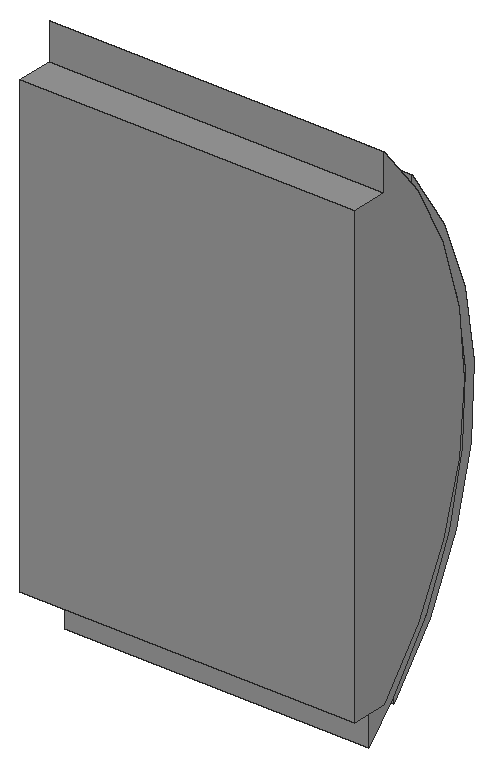
Revit family "ГГН-03,КЛ-01", category Устройства вызова и оповещения, Revit 2017
Family settings
  Основа = Стена
  Сохранять ориентацию аннотаций = Нет
  Размер круглого соединителя = Использовать диаметр
  Тип детали = Нормальный
  Всегда вертикально = Да
  При загрузке вырезать с полостями = Нет
  Общий = Нет
  Точка расчета площади = Нет
Parameters (values of type "ГГН-03/КЛ-01")
  Ширина = 135 mm
  Частотный диапазон = "100-15000 Гц"  # constant formula
  Разработано = "support@bimlib.pro"  # constant formula
  Описание = "Речевой оповещатель. Предназначен для воспроизведения голосовых сообщений, специальных сигналов в системах громкоговорящей связи с высокоомным выходом. Встроенный трансформатор 90..100В. Настенное исполнение."
  Напряжение питания = 100 V  # constant formula
  Материал = ПВХ
  Assembly Code = ""
  Код IP = "41"  # constant formula
  Исполнение = "Настенное"  # constant formula
  Изготовитель = "'СОУЭ Речор'"  # constant formula
  Диапазое рабочих температур = "-10 до +50°С"  # constant formula
  Глубина = 75 mm
  Выходная мощность [instance] = if(Выбор мощности, 3 W, 1 W)  # 3 W
  Высота = 218 mm
  Выбор мощности [instance] = yes
  URL = "http://rechor.ru/gromkogovoriteli"
  ADSK_Примечание = ""
  ADSK_Позиция = ""
  Наименование = "Громкоговоритель ГГН-03/КЛ-01"  # constant formula
  ADSK_Масса_Текст = "0.64 кг"  # constant formula
  ADSK_Завод-изготовитель = Изготовитель  # "'СОУЭ Речор'"
Reference planes
  plane 1 "Стена": y = 0
  plane 2 "По центру (Влево/Вправо)": x = 125
  plane 3 "Назад": y = 75
  plane 4: x = 192.5
  plane 5: x = 57.5
  plane 6: z = 2461.432
  plane 7: z = 2243.432
  plane 8: y = 75
  plane 9: y = 150
  plane 10: z = 2352.432
  plane 11: y = 111.919
Forms (mm)
  Extrusion 1, solid, material "ПВХ" <- "Материал", detail levels medium+fine
    sketch origin (125, 0, 0) x (0, 1, 0) y (0, 0, 1)
      loop
        line (75, 2446.432) -> (75, 2261.432) -> (90, 2261.432) -> (90, 2243.432)
        arc (90, 2243.432) -> (139.145, 2352.432) -> (90, 2461.432) r 145.45
        line (90, 2461.432) -> (90, 2446.432) -> (75, 2446.432)
    from -61.296 to 61.296
  Extrusion 2, solid, material "ПВХ" <- "Материал", detail levels medium+fine
    sketch origin (125, 0, 0) x (0, 1, 0) y (0, 0, 1)
      loop
        line (75, 2446.432) -> (75, 2261.432) -> (90, 2261.432)
        arc (90, 2261.432) -> (130.088, 2361.432) -> (90, 2461.432) r 144.77
        line (90, 2461.432) -> (90, 2446.432) -> (75, 2446.432)
    from -67.5 to -61.296
  Extrusion 3, solid, material "ПВХ" <- "Материал", detail levels medium+fine
    sketch origin (125, 0, 0) x (0, 1, 0) y (0, 0, -1)
      loop
        line (75, -2446.432) -> (90, -2446.432) -> (90, -2461.432)
        arc (90, -2461.432) -> (130.088, -2361.432) -> (90, -2261.432) r 144.77
        line (90, -2261.432) -> (75, -2261.432) -> (75, -2446.432)
    from -67.5 to -61.296
  Extrusion 4, void, detail levels medium+fine
    sketch origin (0, 0, 0) x (1, 0, 0) y (0, 0, 1)
      loop
        line (183.769, 2430.343) -> (178.769, 2430.343) -> (178.769, 2425.343) -> (183.769, 2425.343) -> (183.769, 2430.343)
      loop
        line (173.769, 2430.343) -> (168.769, 2430.343) -> (168.769, 2425.343) -> (173.769, 2425.343) -> (173.769, 2430.343)
      loop
        line (163.769, 2430.343) -> (158.769, 2430.343) -> (158.769, 2425.343) -> (163.769, 2425.343) -> (163.769, 2430.343)
      loop
        line (153.769, 2430.343) -> (148.769, 2430.343) -> (148.769, 2425.343) -> (153.769, 2425.343) -> (153.769, 2430.343)
      loop
        line (143.769, 2430.343) -> (138.769, 2430.343) -> (138.769, 2425.343) -> (143.769, 2425.343) -> (143.769, 2430.343)
      loop
        line (133.769, 2430.343) -> (128.769, 2430.343) -> (128.769, 2425.343) -> (133.769, 2425.343) -> (133.769, 2430.343)
      loop
        line (123.769, 2430.343) -> (118.769, 2430.343) -> (118.769, 2425.343) -> (123.769, 2425.343) -> (123.769, 2430.343)
      loop
        line (113.769, 2430.343) -> (108.769, 2430.343) -> (108.769, 2425.343) -> (113.769, 2425.343) -> (113.769, 2430.343)
      loop
        line (103.769, 2430.343) -> (98.769, 2430.343) -> (98.769, 2425.343) -> (103.769, 2425.343) -> (103.769, 2430.343)
      loop
        line (93.769, 2430.343) -> (88.769, 2430.343) -> (88.769, 2425.343) -> (93.769, 2425.343) -> (93.769, 2430.343)
      loop
        line (83.769, 2430.343) -> (78.769, 2430.343) -> (78.769, 2425.343) -> (83.769, 2425.343) -> (83.769, 2430.343)
      loop
        line (73.769, 2430.343) -> (68.769, 2430.343) -> (68.769, 2425.343) -> (73.769, 2425.343) -> (73.769, 2430.343)
      loop
        line (183.769, 2415.343) -> (178.769, 2415.343) -> (178.769, 2410.343) -> (183.769, 2410.343) -> (183.769, 2415.343)
      loop
        line (173.769, 2415.343) -> (168.769, 2415.343) -> (168.769, 2410.343) -> (173.769, 2410.343) -> (173.769, 2415.343)
      loop
        line (163.769, 2415.343) -> (158.769, 2415.343) -> (158.769, 2410.343) -> (163.769, 2410.343) -> (163.769, 2415.343)
      loop
        line (153.769, 2415.343) -> (148.769, 2415.343) -> (148.769, 2410.343) -> (153.769, 2410.343) -> (153.769, 2415.343)
      loop
        line (143.769, 2415.343) -> (138.769, 2415.343) -> (138.769, 2410.343) -> (143.769, 2410.343) -> (143.769, 2415.343)
      loop
        line (133.769, 2415.343) -> (128.769, 2415.343) -> (128.769, 2410.343) -> (133.769, 2410.343) -> (133.769, 2415.343)
      loop
        line (123.769, 2415.343) -> (118.769, 2415.343) -> (118.769, 2410.343) -> (123.769, 2410.343) -> (123.769, 2415.343)
      loop
        line (113.769, 2415.343) -> (108.769, 2415.343) -> (108.769, 2410.343) -> (113.769, 2410.343) -> (113.769, 2415.343)
      loop
        line (103.769, 2415.343) -> (98.769, 2415.343) -> (98.769, 2410.343) -> (103.769, 2410.343) -> (103.769, 2415.343)
      loop
        line (93.769, 2415.343) -> (88.769, 2415.343) -> (88.769, 2410.343) -> (93.769, 2410.343) -> (93.769, 2415.343)
      loop
        line (83.769, 2415.343) -> (78.769, 2415.343) -> (78.769, 2410.343) -> (83.769, 2410.343) -> (83.769, 2415.343)
      loop
        line (73.769, 2415.343) -> (68.769, 2415.343) -> (68.769, 2410.343) -> (73.769, 2410.343) -> (73.769, 2415.343)
      loop
        line (183.769, 2400.343) -> (178.769, 2400.343) -> (178.769, 2395.343) -> (183.769, 2395.343) -> (183.769, 2400.343)
      loop
        line (173.769, 2400.343) -> (168.769, 2400.343) -> (168.769, 2395.343) -> (173.769, 2395.343) -> (173.769, 2400.343)
      loop
        line (163.769, 2400.343) -> (158.769, 2400.343) -> (158.769, 2395.343) -> (163.769, 2395.343) -> (163.769, 2400.343)
      loop
        line (153.769, 2400.343) -> (148.769, 2400.343) -> (148.769, 2395.343) -> (153.769, 2395.343) -> (153.769, 2400.343)
      loop
        line (143.769, 2400.343) -> (138.769, 2400.343) -> (138.769, 2395.343) -> (143.769, 2395.343) -> (143.769, 2400.343)
      loop
        line (133.769, 2400.343) -> (128.769, 2400.343) -> (128.769, 2395.343) -> (133.769, 2395.343) -> (133.769, 2400.343)
      loop
        line (123.769, 2400.343) -> (118.769, 2400.343) -> (118.769, 2395.343) -> (123.769, 2395.343) -> (123.769, 2400.343)
      loop
        line (113.769, 2400.343) -> (108.769, 2400.343) -> (108.769, 2395.343) -> (113.769, 2395.343) -> (113.769, 2400.343)
      loop
        line (103.769, 2400.343) -> (98.769, 2400.343) -> (98.769, 2395.343) -> (103.769, 2395.343) -> (103.769, 2400.343)
      loop
        line (93.769, 2400.343) -> (88.769, 2400.343) -> (88.769, 2395.343) -> (93.769, 2395.343) -> (93.769, 2400.343)
      loop
        line (83.769, 2400.343) -> (78.769, 2400.343) -> (78.769, 2395.343) -> (83.769, 2395.343) -> (83.769, 2400.343)
      loop
        line (73.769, 2400.343) -> (68.769, 2400.343) -> (68.769, 2395.343) -> (73.769, 2395.343) -> (73.769, 2400.343)
      loop
        line (183.769, 2385.343) -> (178.769, 2385.343) -> (178.769, 2380.343) -> (183.769, 2380.343) -> (183.769, 2385.343)
      loop
        line (173.769, 2385.343) -> (168.769, 2385.343) -> (168.769, 2380.343) -> (173.769, 2380.343) -> (173.769, 2385.343)
      loop
        line (163.769, 2385.343) -> (158.769, 2385.343) -> (158.769, 2380.343) -> (163.769, 2380.343) -> (163.769, 2385.343)
      loop
        line (153.769, 2385.343) -> (148.769, 2385.343) -> (148.769, 2380.343) -> (153.769, 2380.343) -> (153.769, 2385.343)
      loop
        line (143.769, 2385.343) -> (138.769, 2385.343) -> (138.769, 2380.343) -> (143.769, 2380.343) -> (143.769, 2385.343)
      loop
        line (133.769, 2385.343) -> (128.769, 2385.343) -> (128.769, 2380.343) -> (133.769, 2380.343) -> (133.769, 2385.343)
      loop
        line (123.769, 2385.343) -> (118.769, 2385.343) -> (118.769, 2380.343) -> (123.769, 2380.343) -> (123.769, 2385.343)
      loop
        line (113.769, 2385.343) -> (108.769, 2385.343) -> (108.769, 2380.343) -> (113.769, 2380.343) -> (113.769, 2385.343)
      loop
        line (103.769, 2385.343) -> (98.769, 2385.343) -> (98.769, 2380.343) -> (103.769, 2380.343) -> (103.769, 2385.343)
      loop
        line (93.769, 2385.343) -> (88.769, 2385.343) -> (88.769, 2380.343) -> (93.769, 2380.343) -> (93.769, 2385.343)
      loop
        line (83.769, 2385.343) -> (78.769, 2385.343) -> (78.769, 2380.343) -> (83.769, 2380.343) -> (83.769, 2385.343)
      loop
        line (73.769, 2385.343) -> (68.769, 2385.343) -> (68.769, 2380.343) -> (73.769, 2380.343) -> (73.769, 2385.343)
      loop
        line (183.769, 2370.343) -> (178.769, 2370.343) -> (178.769, 2365.343) -> (183.769, 2365.343) -> (183.769, 2370.343)
      loop
        line (173.769, 2370.343) -> (168.769, 2370.343) -> (168.769, 2365.343) -> (173.769, 2365.343) -> (173.769, 2370.343)
      loop
        line (163.769, 2370.343) -> (158.769, 2370.343) -> (158.769, 2365.343) -> (163.769, 2365.343) -> (163.769, 2370.343)
      loop
        line (153.769, 2370.343) -> (148.769, 2370.343) -> (148.769, 2365.343) -> (153.769, 2365.343) -> (153.769, 2370.343)
      loop
        line (143.769, 2370.343) -> (138.769, 2370.343) -> (138.769, 2365.343) -> (143.769, 2365.343) -> (143.769, 2370.343)
      loop
        line (133.769, 2370.343) -> (128.769, 2370.343) -> (128.769, 2365.343) -> (133.769, 2365.343) -> (133.769, 2370.343)
      loop
        line (123.769, 2370.343) -> (118.769, 2370.343) -> (118.769, 2365.343) -> (123.769, 2365.343) -> (123.769, 2370.343)
      loop
        line (113.769, 2370.343) -> (108.769, 2370.343) -> (108.769, 2365.343) -> (113.769, 2365.343) -> (113.769, 2370.343)
      loop
        line (103.769, 2370.343) -> (98.769, 2370.343) -> (98.769, 2365.343) -> (103.769, 2365.343) -> (103.769, 2370.343)
      loop
        line (93.769, 2370.343) -> (88.769, 2370.343) -> (88.769, 2365.343) -> (93.769, 2365.343) -> (93.769, 2370.343)
      loop
        line (83.769, 2370.343) -> (78.769, 2370.343) -> (78.769, 2365.343) -> (83.769, 2365.343) -> (83.769, 2370.343)
      loop
        line (73.769, 2370.343) -> (68.769, 2370.343) -> (68.769, 2365.343) -> (73.769, 2365.343) -> (73.769, 2370.343)
      loop
        line (183.769, 2355.343) -> (178.769, 2355.343) -> (178.769, 2350.343) -> (183.769, 2350.343) -> (183.769, 2355.343)
      loop
        line (173.769, 2355.343) -> (168.769, 2355.343) -> (168.769, 2350.343) -> (173.769, 2350.343) -> (173.769, 2355.343)
      loop
        line (163.769, 2355.343) -> (158.769, 2355.343) -> (158.769, 2350.343) -> (163.769, 2350.343) -> (163.769, 2355.343)
      loop
        line (153.769, 2355.343) -> (148.769, 2355.343) -> (148.769, 2350.343) -> (153.769, 2350.343) -> (153.769, 2355.343)
      loop
        line (143.769, 2355.343) -> (138.769, 2355.343) -> (138.769, 2350.343) -> (143.769, 2350.343) -> (143.769, 2355.343)
      loop
        line (133.769, 2355.343) -> (128.769, 2355.343) -> (128.769, 2350.343) -> (133.769, 2350.343) -> (133.769, 2355.343)
      loop
        line (113.769, 2355.343) -> (108.769, 2355.343) -> (108.769, 2350.343) -> (113.769, 2350.343) -> (113.769, 2355.343)
      loop
        line (103.769, 2355.343) -> (98.769, 2355.343) -> (98.769, 2350.343) -> (103.769, 2350.343) -> (103.769, 2355.343)
      loop
        line (93.769, 2355.343) -> (88.769, 2355.343) -> (88.769, 2350.343) -> (93.769, 2350.343) -> (93.769, 2355.343)
      loop
        line (83.769, 2355.343) -> (78.769, 2355.343) -> (78.769, 2350.343) -> (83.769, 2350.343) -> (83.769, 2355.343)
      loop
        line (73.769, 2355.343) -> (68.769, 2355.343) -> (68.769, 2350.343) -> (73.769, 2350.343) -> (73.769, 2355.343)
      loop
        line (183.769, 2340.343) -> (178.769, 2340.343) -> (178.769, 2335.343) -> (183.769, 2335.343) -> (183.769, 2340.343)
      loop
        line (173.769, 2340.343) -> (168.769, 2340.343) -> (168.769, 2335.343) -> (173.769, 2335.343) -> (173.769, 2340.343)
      loop
        line (163.769, 2340.343) -> (158.769, 2340.343) -> (158.769, 2335.343) -> (163.769, 2335.343) -> (163.769, 2340.343)
      loop
        line (153.769, 2340.343) -> (148.769, 2340.343) -> (148.769, 2335.343) -> (153.769, 2335.343) -> (153.769, 2340.343)
      loop
        line (143.769, 2340.343) -> (138.769, 2340.343) -> (138.769, 2335.343) -> (143.769, 2335.343) -> (143.769, 2340.343)
      loop
        line (133.769, 2340.343) -> (128.769, 2340.343) -> (128.769, 2335.343) -> (133.769, 2335.343) -> (133.769, 2340.343)
      loop
        line (123.769, 2340.343) -> (118.769, 2340.343) -> (118.769, 2335.343) -> (123.769, 2335.343) -> (123.769, 2340.343)
      loop
        line (113.769, 2340.343) -> (108.769, 2340.343) -> (108.769, 2335.343) -> (113.769, 2335.343) -> (113.769, 2340.343)
      loop
        line (103.769, 2340.343) -> (98.769, 2340.343) -> (98.769, 2335.343) -> (103.769, 2335.343) -> (103.769, 2340.343)
      loop
        line (93.769, 2340.343) -> (88.769, 2340.343) -> (88.769, 2335.343) -> (93.769, 2335.343) -> (93.769, 2340.343)
      loop
        line (83.769, 2340.343) -> (78.769, 2340.343) -> (78.769, 2335.343) -> (83.769, 2335.343) -> (83.769, 2340.343)
      loop
        line (73.769, 2340.343) -> (68.769, 2340.343) -> (68.769, 2335.343) -> (73.769, 2335.343) -> (73.769, 2340.343)
      loop
        line (183.769, 2325.343) -> (178.769, 2325.343) -> (178.769, 2320.343) -> (183.769, 2320.343) -> (183.769, 2325.343)
      loop
        line (173.769, 2325.343) -> (168.769, 2325.343) -> (168.769, 2320.343) -> (173.769, 2320.343) -> (173.769, 2325.343)
      loop
        line (163.769, 2325.343) -> (158.769, 2325.343) -> (158.769, 2320.343) -> (163.769, 2320.343) -> (163.769, 2325.343)
      loop
        line (153.769, 2325.343) -> (148.769, 2325.343) -> (148.769, 2320.343) -> (153.769, 2320.343) -> (153.769, 2325.343)
      loop
        line (143.769, 2325.343) -> (138.769, 2325.343) -> (138.769, 2320.343) -> (143.769, 2320.343) -> (143.769, 2325.343)
      loop
        line (133.769, 2325.343) -> (128.769, 2325.343) -> (128.769, 2320.343) -> (133.769, 2320.343) -> (133.769, 2325.343)
      loop
        line (123.769, 2325.343) -> (118.769, 2325.343) -> (118.769, 2320.343) -> (123.769, 2320.343) -> (123.769, 2325.343)
      loop
        line (113.769, 2325.343) -> (108.769, 2325.343) -> (108.769, 2320.343) -> (113.769, 2320.343) -> (113.769, 2325.343)
      loop
        line (103.769, 2325.343) -> (98.769, 2325.343) -> (98.769, 2320.343) -> (103.769, 2320.343) -> (103.769, 2325.343)
      loop
        line (93.769, 2325.343) -> (88.769, 2325.343) -> (88.769, 2320.343) -> (93.769, 2320.343) -> (93.769, 2325.343)
      loop
        line (83.769, 2325.343) -> (78.769, 2325.343) -> (78.769, 2320.343) -> (83.769, 2320.343) -> (83.769, 2325.343)
      loop
        line (73.769, 2325.343) -> (68.769, 2325.343) -> (68.769, 2320.343) -> (73.769, 2320.343) -> (73.769, 2325.343)
      loop
        line (183.769, 2310.343) -> (178.769, 2310.343) -> (178.769, 2305.343) -> (183.769, 2305.343) -> (183.769, 2310.343)
      loop
        line (173.769, 2310.343) -> (168.769, 2310.343) -> (168.769, 2305.343) -> (173.769, 2305.343) -> (173.769, 2310.343)
      loop
        line (163.769, 2310.343) -> (158.769, 2310.343) -> (158.769, 2305.343) -> (163.769, 2305.343) -> (163.769, 2310.343)
      loop
        line (153.769, 2310.343) -> (148.769, 2310.343) -> (148.769, 2305.343) -> (153.769, 2305.343) -> (153.769, 2310.343)
      loop
        line (143.769, 2310.343) -> (138.769, 2310.343) -> (138.769, 2305.343) -> (143.769, 2305.343) -> (143.769, 2310.343)
      loop
        line (133.769, 2310.343) -> (128.769, 2310.343) -> (128.769, 2305.343) -> (133.769, 2305.343) -> (133.769, 2310.343)
      loop
        line (123.769, 2310.343) -> (118.769, 2310.343) -> (118.769, 2305.343) -> (123.769, 2305.343) -> (123.769, 2310.343)
      loop
        line (113.769, 2310.343) -> (108.769, 2310.343) -> (108.769, 2305.343) -> (113.769, 2305.343) -> (113.769, 2310.343)
      loop
        line (103.769, 2310.343) -> (98.769, 2310.343) -> (98.769, 2305.343) -> (103.769, 2305.343) -> (103.769, 2310.343)
      loop
        line (93.769, 2310.343) -> (88.769, 2310.343) -> (88.769, 2305.343) -> (93.769, 2305.343) -> (93.769, 2310.343)
      loop
        line (83.769, 2310.343) -> (78.769, 2310.343) -> (78.769, 2305.343) -> (83.769, 2305.343) -> (83.769, 2310.343)
      loop
        line (73.769, 2310.343) -> (68.769, 2310.343) -> (68.769, 2305.343) -> (73.769, 2305.343) -> (73.769, 2310.343)
      loop
        line (183.769, 2295.343) -> (178.769, 2295.343) -> (178.769, 2290.343) -> (183.769, 2290.343) -> (183.769, 2295.343)
      loop
        line (173.769, 2295.343) -> (168.769, 2295.343) -> (168.769, 2290.343) -> (173.769, 2290.343) -> (173.769, 2295.343)
      loop
        line (163.769, 2295.343) -> (158.769, 2295.343) -> (158.769, 2290.343) -> (163.769, 2290.343) -> (163.769, 2295.343)
      loop
        line (153.769, 2295.343) -> (148.769, 2295.343) -> (148.769, 2290.343) -> (153.769, 2290.343) -> (153.769, 2295.343)
      loop
        line (143.769, 2295.343) -> (138.769, 2295.343) -> (138.769, 2290.343) -> (143.769, 2290.343) -> (143.769, 2295.343)
      loop
        line (133.769, 2295.343) -> (128.769, 2295.343) -> (128.769, 2290.343) -> (133.769, 2290.343) -> (133.769, 2295.343)
      loop
        line (123.769, 2295.343) -> (118.769, 2295.343) -> (118.769, 2290.343) -> (123.769, 2290.343) -> (123.769, 2295.343)
      loop
        line (113.769, 2295.343) -> (108.769, 2295.343) -> (108.769, 2290.343) -> (113.769, 2290.343) -> (113.769, 2295.343)
      loop
        line (103.769, 2295.343) -> (98.769, 2295.343) -> (98.769, 2290.343) -> (103.769, 2290.343) -> (103.769, 2295.343)
      loop
        line (93.769, 2295.343) -> (88.769, 2295.343) -> (88.769, 2290.343) -> (93.769, 2290.343) -> (93.769, 2295.343)
      loop
        line (83.769, 2295.343) -> (78.769, 2295.343) -> (78.769, 2290.343) -> (83.769, 2290.343) -> (83.769, 2295.343)
      loop
        line (73.769, 2295.343) -> (68.769, 2295.343) -> (68.769, 2290.343) -> (73.769, 2290.343) -> (73.769, 2295.343)
      loop
        line (183.769, 2280.343) -> (178.769, 2280.343) -> (178.769, 2275.343) -> (183.769, 2275.343) -> (183.769, 2280.343)
      loop
        line (173.769, 2280.343) -> (168.769, 2280.343) -> (168.769, 2275.343) -> (173.769, 2275.343) -> (173.769, 2280.343)
      loop
        line (163.769, 2280.343) -> (158.769, 2280.343) -> (158.769, 2275.343) -> (163.769, 2275.343) -> (163.769, 2280.343)
      loop
        line (153.769, 2280.343) -> (148.769, 2280.343) -> (148.769, 2275.343) -> (153.769, 2275.343) -> (153.769, 2280.343)
      loop
        line (143.769, 2280.343) -> (138.769, 2280.343) -> (138.769, 2275.343) -> (143.769, 2275.343) -> (143.769, 2280.343)
      loop
        line (133.769, 2280.343) -> (128.769, 2280.343) -> (128.769, 2275.343) -> (133.769, 2275.343) -> (133.769, 2280.343)
      loop
        line (123.769, 2280.343) -> (118.769, 2280.343) -> (118.769, 2275.343) -> (123.769, 2275.343) -> (123.769, 2280.343)
      loop
        line (113.769, 2280.343) -> (108.769, 2280.343) -> (108.769, 2275.343) -> (113.769, 2275.343) -> (113.769, 2280.343)
      loop
        line (103.769, 2280.343) -> (98.769, 2280.343) -> (98.769, 2275.343) -> (103.769, 2275.343) -> (103.769, 2280.343)
      loop
        line (93.769, 2280.343) -> (88.769, 2280.343) -> (88.769, 2275.343) -> (93.769, 2275.343) -> (93.769, 2280.343)
      loop
        line (83.769, 2280.343) -> (78.769, 2280.343) -> (78.769, 2275.343) -> (83.769, 2275.343) -> (83.769, 2280.343)
      loop
        line (73.769, 2280.343) -> (68.769, 2280.343) -> (68.769, 2275.343) -> (73.769, 2275.343) -> (73.769, 2280.343)
      loop
        line (183.769, 2265.343) -> (178.769, 2265.343) -> (178.769, 2260.343) -> (183.769, 2260.343) -> (183.769, 2265.343)
      loop
        line (173.769, 2265.343) -> (168.769, 2265.343) -> (168.769, 2260.343) -> (173.769, 2260.343) -> (173.769, 2265.343)
      loop
        line (163.769, 2265.343) -> (158.769, 2265.343) -> (158.769, 2260.343) -> (163.769, 2260.343) -> (163.769, 2265.343)
      loop
        line (153.769, 2265.343) -> (148.769, 2265.343) -> (148.769, 2260.343) -> (153.769, 2260.343) -> (153.769, 2265.343)
      loop
        line (143.769, 2265.343) -> (138.769, 2265.343) -> (138.769, 2260.343) -> (143.769, 2260.343) -> (143.769, 2265.343)
      loop
        line (133.769, 2265.343) -> (128.769, 2265.343) -> (128.769, 2260.343) -> (133.769, 2260.343) -> (133.769, 2265.343)
      loop
        line (123.769, 2265.343) -> (118.769, 2265.343) -> (118.769, 2260.343) -> (123.769, 2260.343) -> (123.769, 2265.343)
      loop
        line (113.769, 2265.343) -> (108.769, 2265.343) -> (108.769, 2260.343) -> (113.769, 2260.343) -> (113.769, 2265.343)
      loop
        line (103.769, 2265.343) -> (98.769, 2265.343) -> (98.769, 2260.343) -> (103.769, 2260.343) -> (103.769, 2265.343)
      loop
        line (93.769, 2265.343) -> (88.769, 2265.343) -> (88.769, 2260.343) -> (93.769, 2260.343) -> (93.769, 2265.343)
      loop
        line (83.769, 2265.343) -> (78.769, 2265.343) -> (78.769, 2260.343) -> (83.769, 2260.343) -> (83.769, 2265.343)
      loop
        line (73.769, 2265.343) -> (68.769, 2265.343) -> (68.769, 2260.343) -> (73.769, 2260.343) -> (73.769, 2265.343)
    from -229.518 to -97.299
  Extrusion 5, solid, material "ПВХ" <- "Материал", detail levels fine
    sketch origin (125, 0, 0) x (0, 1, 0) y (0, 0, 1)
      loop
        arc (111.919, 2437.16) -> (138.971, 2345.065) -> (102.737, 2256.181) r 145.394
        line (102.737, 2256.181) -> (102.737, 2253.935)
        arc (102.737, 2253.935) -> (142.922, 2345.756) -> (111.919, 2441.07) r 140.949
        line (111.919, 2441.07) -> (111.919, 2437.16)
    from -61.296 to 61.296
Cuts and joins
  joined: Extrusion 1, Extrusion 2, Extrusion 3
  Extrusion 4 cuts Extrusion 5
Lines and regions (mm)
  model lines, detail levels coarse
    curve 1: line (125, 75, 2392.432) -> (125, 75, 2312.432)
    curve 2: line (125, 75, 2312.432) -> (125, 95, 2312.432)
    curve 3: line (125, 75, 2392.432) -> (125, 95, 2392.432)
    curve 4: line (125, 95, 2392.432) -> (125, 95, 2312.432)
    curve 5: line (125, 95, 2392.432) -> (125, 150, 2436.432)
    curve 6: line (125, 95, 2312.432) -> (125, 150, 2268.432)
    curve 7: line (125, 150, 2436.432) -> (125, 150, 2268.432)
Text (mm)
  text "Placement Side" at (-1848.837, 1116.779, 0), in view "Опорный уровень"
  text "Placement side" at (0, 1409.804, 2854.306), in view "Слева"
  text "Placement side" at (0, 499.811, 2980.732), in view "Справа"
Dimensions and locks
  locked: plane 3 "Назад" to host wall
  equal spacing: plane 5, plane 2 "По центру (Влево/Вправо)", plane 4
  "Ширина": plane 5 to plane 4
  "Глубина": plane 8 to plane 9
  equal spacing: plane 6, plane 10, plane 7
  plane 6 to plane 7 = 218 mm
  locked: plane 11 to plane 9 at 38.081
  aligned and locked: plane 1 "Стена" to host wall
  aligned and locked: host wall to plane 8
  aligned and locked: plane 11 to Extrusion 5 sketch curve
  aligned and locked: cut or joined group of Extrusion 1, Extrusion 2, Extrusion 3 to Extrusion 5  (x2)
Automatic sketch dimensions
  Extrusion 3 sketch curve to host wall = 0 mm
  Extrusion 3 sketch curve to plane 6 = 0 mm
  host wall to Extrusion 3 sketch curve = 14.682 mm
  host wall to Extrusion 3 sketch curve = 15 mm  (x2)
  Extrusion 3 sketch curve to Extrusion 3 sketch curve = 15 mm
  plane 10 to Extrusion 3 sketch curve = 9 mm
  plane 5 to Extrusion 4 sketch curve = 11.269 mm  (x3)
  Extrusion 4 sketch curve to Extrusion 4 sketch curve = 0 mm  (x119)
  plane 10 to Extrusion 4 sketch curve = 2.912 mm  (x11)
  Extrusion 4 sketch curve to Extrusion 4 sketch curve = 5 mm  (x383)
  Extrusion 4 sketch curve to plane 10 = 2.088 mm  (x11)
  Extrusion 4 sketch curve to plane 2 "По центру (Влево/Вправо)" = 1.231 mm  (x11)
  plane 2 "По центру (Влево/Вправо)" to Extrusion 4 sketch curve = 3.769 mm  (x12)
  Extrusion 4 sketch curve to Extrusion 4 sketch curve = 10 mm  (x21)
  Extrusion 4 sketch curve to plane 10 = 12.088 mm
  Extrusion 1 sketch curve to plane 10 = 0 mm
  Extrusion 1 sketch curve to host wall = 0 mm
  Extrusion 1 sketch curve to plane 7 = 0 mm
  Extrusion 1 sketch curve to plane 6 = 0 mm
  host wall to Extrusion 1 sketch curve = 6.305 mm
  host wall to Extrusion 1 sketch curve = 15 mm
  plane 7 to Extrusion 1 sketch curve = 18 mm
  Extrusion 1 sketch curve to Extrusion 1 sketch curve = 15 mm
  Extrusion 2 sketch curve to host wall = 0 mm
  Extrusion 2 sketch curve to plane 6 = 0 mm
  host wall to Extrusion 2 sketch curve = 14.682 mm
  host wall to Extrusion 2 sketch curve = 15 mm  (x2)
  Extrusion 2 sketch curve to plane 6 = 15 mm
  plane 10 to Extrusion 2 sketch curve = 9 mm
  curve 1 to host wall = 0 mm
  curve 6 to plane 9 = 0 mm
  curve 2 to plane 10 = 40 mm
  plane 10 to curve 5 = 40 mm
  plane 7 to curve 7 = 25 mm
  curve 7 to plane 6 = 25 mm
  host wall to curve 2 = 20 mm
  Extrusion 5 sketch curve to plane 10 = 0 mm
  plane 10 to Extrusion 5 sketch curve = 0.232 mm
  Extrusion 5 sketch curve to host wall = 2.143 mm
  host wall to Extrusion 5 sketch curve = 6.236 mm
  plane 7 to Extrusion 5 sketch curve = 12.749 mm
  Extrusion 5 sketch curve to Extrusion 5 sketch curve = 2.246 mm
  Extrusion 5 sketch curve to plane 11 = 9.182 mm
Nested families
  nested 1: "Оповещатель" at (126.965, 108.234, 0) x (0, 1, 0) z (0, 0, 1), type "оповещатель"
Connectors
  electrical at (125, 75, 2322.682), driven by "Напряжение питания", driven by "Выходная мощность"
    settings: on Extrusion 2, index 1, voltage 100 V, apparent load 0 VA, apparent load phase1 3 VA, apparent load phase2 0 VA, apparent load phase3 0 VA, power factor 1, load classification "Прочее", number of poles 1, system type 31, power factor state 1, is connector primary yes, connector utility no, sub classification motor no, connector description ""
  electrical at (125, 75, 2300.807)
    settings: on Extrusion 2, index 2, voltage 0 V, apparent load 0 VA, apparent load phase1 0 VA, apparent load phase2 0 VA, apparent load phase3 0 VA, power factor 1, load classification "Прочее", number of poles 1, system type 12, power factor state 1, is connector primary no, connector utility no, sub classification motor no, connector description ""
Definition of nested family "Оповещатель"
  Reference planes
    plane 1: y = 0
    plane 2: x = 0
  Lines and regions (mm)
    detail lines
      curve 1: line (-13.652, 27.379, 0) -> (0, 27.379, 0)
      curve 2: line (-13.652, -27.379, 0) -> (-13.652, 27.379, 0)
      curve 3: line (0, -27.379, 0) -> (-13.652, -27.379, 0)
      curve 4: line (0, 27.379, 0) -> (0, -27.379, 0)
      curve 5: line (0, 27.379, 0) -> (17.583, 68.802, 0)
      curve 6: line (0, -27.379, 0) -> (17.583, -68.802, 0)
      curve 7: line (17.583, 68.802, 0) -> (17.583, -68.802, 0)
  Dimensions and locks
    equal spacing: curve 1, plane 1, curve 3
